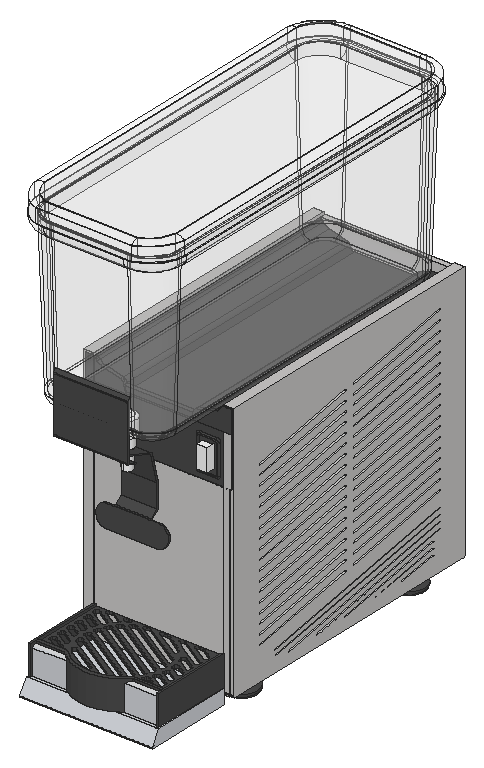
Revit family "QF_Vollrath-VBBD1-37", category Specialty Equipment, Revit 2018
Family settings
  Round Connector Dimension = Use Diameter
  Part Type = Normal
  Work Plane-Based = No
  Always vertical = Yes
  Cut with Voids When Loaded = Yes
  Shared = No
  Room Calculation Point = No
Parameters (values of type "VBBD1-37-F")
  Weight in Pounds = 37.5
  Watts = 0 W
  Volts = 115 V
  Undercounter Visibility [instance] = no
  Serial Number [instance] = ""
  Refrigerant Type = "R134a"
  Phase = 1
  Model = "VBBD1-37-F"
  Manufacturer = "Vollrath"
  Keynote = ""
  Item Number [instance] = ""
  Installed By = ""
  Foodservice Equipment Identifier = yes
  HP = "-"
  Furnished By = ""
  FL Amps = 2.6 A
  Electrical Routing [instance] = ""
  Electrical Remarks [instance] = ""
  Electrical Final Connections = ""
  Electric Connection Type = ""
  Elec Conn RI Height = 0"
  Description = "3.17 Gallon Refrigerated Beverage Dispenser"
  Cycle = 60 Hz
  Cost = 0
  Conn Plug = "NEMA 5-15P"
  CSI MasterFormat = ""
  BTUH = 1520.0 Btu/h
  Apparent Power = 0 VA
  Above Counter Visibility [instance] = no
Reference planes (in)
  plane 1 "Unit_Center (F/B)": y = 0
  plane 2: z = 0
  plane 3 "Unit_Center (L/R)": x = 0
  plane 4 "Right": x = 3.645
  plane 5 "Left": x = -3.6675
  plane 6 "Rear": y = 10.7576
  plane 7 "Front": y = -7.75
  plane 8 "Top": z = 22.1
  plane 9 "Base Cabinet Front": y = -3.27362
  plane 10 "Cabinet Base": z = 0.37402
  plane 11 "Top of Cabinet": z = 12.97075
  plane 12 "Top Trim": z = 14.07311
  plane 13 "Clearance Left": x = -9.675
  plane 14 "Clearance Right": x = 9.64375
  plane 15 "Clearance Rear": y = 16.875
Forms (in)
  Sweep 1, solid, material "QF_Finishes-Clear Plastic"
    path origin (0, 3.74664, -1.59015) x (1, 0, 0) y (0, 1, 0)
      loop
        line (-2.2551, -11.10622) -> (2.2551, -11.10622)
        arc (2.2551, -11.10622) -> (2.85564, -10.64462) -> (3.17382, -9.95724) r 1.58698
        line (3.17382, -9.95724) -> (3.17382, 5.36453)
        arc (3.17382, 5.36453) -> (2.71278, 6.17327) -> (1.84782, 6.51746) r 1.40778
        line (1.84782, 6.51746) -> (-1.84782, 6.51746)
        arc (-1.84782, 6.51746) -> (-2.71161, 6.17429) -> (-3.17326, 5.36758) r 1.40778
        line (-3.17326, 5.36758) -> (-3.17326, -9.96011)
        arc (-3.17326, -9.96011) -> (-2.85472, -10.64576) -> (-2.2551, -11.10622) r 1.58698
    profile origin (0, -7.35958, -1.59015) x (0, 1, 0) y (0, 0, 1)
      loop
        line (-0.47287, 22.88102) -> (-0.01824, 22.88102) -> (-0.01824, 23.6765)
        arc (-0.01824, 23.6765) -> (-0.25795, 23.67763) -> (-0.4652, 23.55719) r 0.45664
        line (-0.4652, 23.55719) -> (-0.47287, 22.88102)
  Extrusion 2, solid, material "QF_Finishes-Clear Plastic"
    sketch origin (0, 3.7403, -2.36291) x (1, 0, 0) y (0, 1, 0)
      loop
        line (-2.15049, -11.11812) -> (2.25892, -11.11812)
        arc (2.25892, -11.11812) -> (2.86473, -10.65608) -> (3.18926, -9.96676) r 1.60522
        line (3.18926, -9.96676) -> (3.18926, 5.42563)
        arc (3.18926, 5.42563) -> (2.86227, 6.21505) -> (2.07284, 6.54204) r 1.11642
        line (2.07284, 6.54204) -> (-2.09748, 6.54204)
        arc (-2.09748, 6.54204) -> (-2.80722, 6.28665) -> (-3.1915, 5.63759) r 1.11388
        line (-3.1915, 5.63759) -> (-3.1915, -9.95554)
        arc (-3.1915, -9.95554) -> (-2.83451, -10.68325) -> (-2.15049, -11.11812) r 1.49663
    from 24.42674 to 24.46291
  Extrusion 3, solid, material "QF_Finishes-Stainless"
    sketch origin (0, 0, 0) x (0, 1, 0) y (0, 0, 1)
      loop
        line (10.7576, 0.80737) -> (10.7576, 13.35433) -> (-3.27362, 13.35433) -> (-3.27362, 0.80737)
        arc (-3.27362, 0.80737) -> (-3.24768, 0.74473) -> (-3.18504, 0.71878) r 0.08858
        line (-3.18504, 0.71878) -> (10.66901, 0.71878)
        arc (10.66901, 0.71878) -> (10.73165, 0.74473) -> (10.7576, 0.80737) r 0.08858
      loop
        line (8.85098, 1.60553) -> (8.83902, 1.67336)
        arc (8.83902, 1.67336) -> (8.80299, 1.6853) -> (8.76503, 1.68493) r 0.11572
        line (8.76503, 1.68493) -> (6.88486, 1.3534)
        arc (6.88486, 1.3534) -> (6.84907, 1.34077) -> (6.81928, 1.31723) r 0.11572
        line (6.81928, 1.31723) -> (6.83124, 1.2494) -> (8.85098, 1.60553)
      loop
        line (8.85098, 1.90536) -> (8.83902, 1.97319)
        arc (8.83902, 1.97319) -> (8.80299, 1.98513) -> (8.76503, 1.98476) r 0.11572
        line (8.76503, 1.98476) -> (5.18444, 1.3534)
        arc (5.18444, 1.3534) -> (5.14864, 1.34077) -> (5.11886, 1.31723) r 0.11572
        line (5.11886, 1.31723) -> (5.13082, 1.2494) -> (8.85098, 1.90536)
      loop
        line (8.85098, 2.20519) -> (8.83902, 2.27302)
        arc (8.83902, 2.27302) -> (8.80299, 2.28496) -> (8.76503, 2.28459) r 0.11572
        line (8.76503, 2.28459) -> (3.48402, 1.3534)
        arc (3.48402, 1.3534) -> (3.44822, 1.34077) -> (3.41843, 1.31723) r 0.11572
        line (3.41843, 1.31723) -> (3.43039, 1.2494) -> (8.85098, 2.20519)
      loop
        line (9.32147, 2.58798) -> (9.30942, 2.65631)
        arc (9.30942, 2.65631) -> (9.27338, 2.66825) -> (9.23542, 2.66788) r 0.11572
        line (9.23542, 2.66788) -> (1.7835, 1.3539)
        arc (1.7835, 1.3539) -> (1.7477, 1.34127) -> (1.71792, 1.31773) r 0.11572
        line (1.71792, 1.31773) -> (1.72997, 1.2494) -> (9.32147, 2.58798)
      loop
        line (9.32147, 2.88782) -> (9.30942, 2.95614)
        arc (9.30942, 2.95614) -> (9.27338, 2.96808) -> (9.23542, 2.96771) r 0.11572
        line (9.23542, 2.96771) -> (0.08308, 1.3539)
        arc (0.08308, 1.3539) -> (0.04728, 1.34127) -> (0.0175, 1.31773) r 0.11572
        line (0.0175, 1.31773) -> (0.02955, 1.2494) -> (9.32147, 2.88782)
      loop
        line (9.32147, 3.18765) -> (9.30942, 3.25598)
        arc (9.30942, 3.25598) -> (9.27338, 3.26791) -> (9.23542, 3.26754) r 0.11572
        line (9.23542, 3.26754) -> (-0.80278, 1.49753)
        arc (-0.80278, 1.49753) -> (-0.83858, 1.4849) -> (-0.86836, 1.46136) r 0.11572
        line (-0.86836, 1.46136) -> (-0.85632, 1.39303) -> (9.32147, 3.18765)
      loop
        line (9.32147, 3.48748) -> (9.30942, 3.55581)
        arc (9.30942, 3.55581) -> (9.27338, 3.56774) -> (9.23542, 3.56737) r 0.11572
        line (9.23542, 3.56737) -> (-0.80278, 1.79736)
        arc (-0.80278, 1.79736) -> (-0.83858, 1.78473) -> (-0.86836, 1.76119) r 0.11572
        line (-0.86836, 1.76119) -> (-0.85632, 1.69286) -> (9.32147, 3.48748)
      loop
        line (9.32185, 4.22424) -> (9.30129, 4.34083)
        arc (9.30129, 4.34083) -> (9.26526, 4.35276) -> (9.22729, 4.35239) r 0.11572
        line (9.22729, 4.35239) -> (4.01542, 3.4334)
        arc (4.01542, 3.4334) -> (3.97963, 3.42076) -> (3.94984, 3.39722) r 0.11572
        line (3.94984, 3.39722) -> (3.9704, 3.28063) -> (9.32185, 4.22424)
      loop
        line (3.58682, 3.213) -> (3.56626, 3.32958)
        arc (3.56626, 3.32958) -> (3.53022, 3.34152) -> (3.49226, 3.34115) r 0.11572
        line (3.49226, 3.34115) -> (-1.71961, 2.42215)
        arc (-1.71961, 2.42215) -> (-1.75541, 2.40952) -> (-1.78519, 2.38598) r 0.11572
        line (-1.78519, 2.38598) -> (-1.76463, 2.26939) -> (3.58682, 3.213)
      loop
        line (9.32185, 4.68766) -> (9.30129, 4.80425)
        arc (9.30129, 4.80425) -> (9.26526, 4.81619) -> (9.22729, 4.81581) r 0.11572
        line (9.22729, 4.81581) -> (4.01542, 3.89682)
        arc (4.01542, 3.89682) -> (3.97963, 3.88419) -> (3.94984, 3.86065) r 0.11572
        line (3.94984, 3.86065) -> (3.9704, 3.74406) -> (9.32185, 4.68766)
      loop
        line (3.58682, 3.67642) -> (3.56626, 3.79301)
        arc (3.56626, 3.79301) -> (3.53022, 3.80494) -> (3.49226, 3.80457) r 0.11572
        line (3.49226, 3.80457) -> (-1.71961, 2.88558)
        arc (-1.71961, 2.88558) -> (-1.75541, 2.87294) -> (-1.78519, 2.8494) r 0.11572
        line (-1.78519, 2.8494) -> (-1.76463, 2.73282) -> (3.58682, 3.67642)
      loop
        line (9.32185, 5.15109) -> (9.30129, 5.26768)
        arc (9.30129, 5.26768) -> (9.26526, 5.27961) -> (9.22729, 5.27924) r 0.11572
        line (9.22729, 5.27924) -> (4.01542, 4.36025)
        arc (4.01542, 4.36025) -> (3.97963, 4.34761) -> (3.94984, 4.32407) r 0.11572
        line (3.94984, 4.32407) -> (3.9704, 4.20748) -> (9.32185, 5.15109)
      loop
        line (3.58682, 4.13985) -> (3.56626, 4.25644)
        arc (3.56626, 4.25644) -> (3.53022, 4.26837) -> (3.49226, 4.268) r 0.11572
        line (3.49226, 4.268) -> (-1.71961, 3.34901)
        arc (-1.71961, 3.34901) -> (-1.75541, 3.33637) -> (-1.78519, 3.31283) r 0.11572
        line (-1.78519, 3.31283) -> (-1.76463, 3.19624) -> (3.58682, 4.13985)
      loop
        line (9.32185, 5.61451) -> (9.30129, 5.7311)
        arc (9.30129, 5.7311) -> (9.26526, 5.74304) -> (9.22729, 5.74267) r 0.11572
        line (9.22729, 5.74267) -> (4.01542, 4.82367)
        arc (4.01542, 4.82367) -> (3.97963, 4.81104) -> (3.94984, 4.7875) r 0.11572
        line (3.94984, 4.7875) -> (3.9704, 4.67091) -> (9.32185, 5.61451)
      loop
        line (3.58682, 4.60327) -> (3.56626, 4.71986)
        arc (3.56626, 4.71986) -> (3.53022, 4.73179) -> (3.49226, 4.73142) r 0.11572
        line (3.49226, 4.73142) -> (-1.71961, 3.81243)
        arc (-1.71961, 3.81243) -> (-1.75541, 3.7998) -> (-1.78519, 3.77626) r 0.11572
        line (-1.78519, 3.77626) -> (-1.76463, 3.65967) -> (3.58682, 4.60327)
      loop
        line (9.32185, 6.07794) -> (9.30129, 6.19453)
        arc (9.30129, 6.19453) -> (9.26526, 6.20646) -> (9.22729, 6.20609) r 0.11572
        line (9.22729, 6.20609) -> (4.01542, 5.2871)
        arc (4.01542, 5.2871) -> (3.97963, 5.27446) -> (3.94984, 5.25092) r 0.11572
        line (3.94984, 5.25092) -> (3.9704, 5.13434) -> (9.32185, 6.07794)
      loop
        line (3.58682, 5.0667) -> (3.56626, 5.18329)
        arc (3.56626, 5.18329) -> (3.53022, 5.19522) -> (3.49226, 5.19485) r 0.11572
        line (3.49226, 5.19485) -> (-1.71961, 4.27586)
        arc (-1.71961, 4.27586) -> (-1.75541, 4.26322) -> (-1.78519, 4.23968) r 0.11572
        line (-1.78519, 4.23968) -> (-1.76463, 4.12309) -> (3.58682, 5.0667)
      loop
        line (9.32185, 6.54137) -> (9.30129, 6.65795)
        arc (9.30129, 6.65795) -> (9.26526, 6.66989) -> (9.22729, 6.66952) r 0.11572
        line (9.22729, 6.66952) -> (4.01542, 5.75052)
        arc (4.01542, 5.75052) -> (3.97963, 5.73789) -> (3.94984, 5.71435) r 0.11572
        line (3.94984, 5.71435) -> (3.9704, 5.59776) -> (9.32185, 6.54137)
      loop
        line (3.58682, 5.53012) -> (3.56626, 5.64671)
        arc (3.56626, 5.64671) -> (3.53022, 5.65864) -> (3.49226, 5.65827) r 0.11572
        line (3.49226, 5.65827) -> (-1.71961, 4.73928)
        arc (-1.71961, 4.73928) -> (-1.75541, 4.72665) -> (-1.78519, 4.70311) r 0.11572
        line (-1.78519, 4.70311) -> (-1.76463, 4.58652) -> (3.58682, 5.53012)
      loop
        line (9.32185, 7.00479) -> (9.30129, 7.12138)
        arc (9.30129, 7.12138) -> (9.26526, 7.13331) -> (9.22729, 7.13294) r 0.11572
        line (9.22729, 7.13294) -> (4.01542, 6.21395)
        arc (4.01542, 6.21395) -> (3.97963, 6.20131) -> (3.94984, 6.17777) r 0.11572
        line (3.94984, 6.17777) -> (3.9704, 6.06119) -> (9.32185, 7.00479)
      loop
        line (3.58682, 5.99355) -> (3.56626, 6.11014)
        arc (3.56626, 6.11014) -> (3.53022, 6.12207) -> (3.49226, 6.1217) r 0.11572
        line (3.49226, 6.1217) -> (-1.71961, 5.20271)
        arc (-1.71961, 5.20271) -> (-1.75541, 5.19007) -> (-1.78519, 5.16653) r 0.11572
        line (-1.78519, 5.16653) -> (-1.76463, 5.04994) -> (3.58682, 5.99355)
      loop
        line (9.32185, 7.46822) -> (9.30129, 7.5848)
        arc (9.30129, 7.5848) -> (9.26526, 7.59674) -> (9.22729, 7.59637) r 0.11572
        line (9.22729, 7.59637) -> (4.01542, 6.67737)
        arc (4.01542, 6.67737) -> (3.97963, 6.66474) -> (3.94984, 6.6412) r 0.11572
        line (3.94984, 6.6412) -> (3.9704, 6.52461) -> (9.32185, 7.46822)
      loop
        line (3.58682, 6.45697) -> (3.56626, 6.57356)
        arc (3.56626, 6.57356) -> (3.53022, 6.5855) -> (3.49226, 6.58512) r 0.11572
        line (3.49226, 6.58512) -> (-1.71961, 5.66613)
        arc (-1.71961, 5.66613) -> (-1.75541, 5.6535) -> (-1.78519, 5.62996) r 0.11572
        line (-1.78519, 5.62996) -> (-1.76463, 5.51337) -> (3.58682, 6.45697)
      loop
        line (9.32185, 7.93164) -> (9.30129, 8.04823)
        arc (9.30129, 8.04823) -> (9.26526, 8.06016) -> (9.22729, 8.05979) r 0.11572
        line (9.22729, 8.05979) -> (4.01542, 7.1408)
        arc (4.01542, 7.1408) -> (3.97963, 7.12816) -> (3.94984, 7.10462) r 0.11572
        line (3.94984, 7.10462) -> (3.9704, 6.98804) -> (9.32185, 7.93164)
      loop
        line (3.58682, 6.9204) -> (3.56626, 7.03699)
        arc (3.56626, 7.03699) -> (3.53022, 7.04892) -> (3.49226, 7.04855) r 0.11572
        line (3.49226, 7.04855) -> (-1.71961, 6.12956)
        arc (-1.71961, 6.12956) -> (-1.75541, 6.11692) -> (-1.78519, 6.09338) r 0.11572
        line (-1.78519, 6.09338) -> (-1.76463, 5.97679) -> (3.58682, 6.9204)
      loop
        line (9.32185, 8.39507) -> (9.30129, 8.51165)
        arc (9.30129, 8.51165) -> (9.26526, 8.52359) -> (9.22729, 8.52322) r 0.11572
        line (9.22729, 8.52322) -> (4.01542, 7.60422)
        arc (4.01542, 7.60422) -> (3.97963, 7.59159) -> (3.94984, 7.56805) r 0.11572
        line (3.94984, 7.56805) -> (3.9704, 7.45146) -> (9.32185, 8.39507)
      loop
        line (3.58682, 7.38382) -> (3.56626, 7.50041)
        arc (3.56626, 7.50041) -> (3.53022, 7.51235) -> (3.49226, 7.51198) r 0.11572
        line (3.49226, 7.51198) -> (-1.71961, 6.59298)
        arc (-1.71961, 6.59298) -> (-1.75541, 6.58035) -> (-1.78519, 6.55681) r 0.11572
        line (-1.78519, 6.55681) -> (-1.76463, 6.44022) -> (3.58682, 7.38382)
      loop
        line (9.32185, 8.85849) -> (9.30129, 8.97508)
        arc (9.30129, 8.97508) -> (9.26526, 8.98701) -> (9.22729, 8.98664) r 0.11572
        line (9.22729, 8.98664) -> (4.01542, 8.06765)
        arc (4.01542, 8.06765) -> (3.97963, 8.05501) -> (3.94984, 8.03147) r 0.11572
        line (3.94984, 8.03147) -> (3.9704, 7.91489) -> (9.32185, 8.85849)
      loop
        line (3.58682, 7.84725) -> (3.56626, 7.96384)
        arc (3.56626, 7.96384) -> (3.53022, 7.97577) -> (3.49226, 7.9754) r 0.11572
        line (3.49226, 7.9754) -> (-1.71961, 7.05641)
        arc (-1.71961, 7.05641) -> (-1.75541, 7.04377) -> (-1.78519, 7.02023) r 0.11572
        line (-1.78519, 7.02023) -> (-1.76463, 6.90364) -> (3.58682, 7.84725)
      loop
        line (9.32185, 9.32192) -> (9.30129, 9.4385)
        arc (9.30129, 9.4385) -> (9.26526, 9.45044) -> (9.22729, 9.45007) r 0.11572
        line (9.22729, 9.45007) -> (4.01542, 8.53107)
        arc (4.01542, 8.53107) -> (3.97963, 8.51844) -> (3.94984, 8.4949) r 0.11572
        line (3.94984, 8.4949) -> (3.9704, 8.37831) -> (9.32185, 9.32192)
      loop
        line (3.58682, 8.31068) -> (3.56626, 8.42726)
        arc (3.56626, 8.42726) -> (3.53022, 8.4392) -> (3.49226, 8.43883) r 0.11572
        line (3.49226, 8.43883) -> (-1.71961, 7.51983)
        arc (-1.71961, 7.51983) -> (-1.75541, 7.5072) -> (-1.78519, 7.48366) r 0.11572
        line (-1.78519, 7.48366) -> (-1.76463, 7.36707) -> (3.58682, 8.31068)
      loop
        line (9.32185, 9.78534) -> (9.30129, 9.90193)
        arc (9.30129, 9.90193) -> (9.26526, 9.91386) -> (9.22729, 9.91349) r 0.11572
        line (9.22729, 9.91349) -> (4.01542, 8.9945)
        arc (4.01542, 8.9945) -> (3.97963, 8.98186) -> (3.94984, 8.95832) r 0.11572
        line (3.94984, 8.95832) -> (3.9704, 8.84174) -> (9.32185, 9.78534)
      loop
        line (3.58682, 8.7741) -> (3.56626, 8.89069)
        arc (3.56626, 8.89069) -> (3.53022, 8.90262) -> (3.49226, 8.90225) r 0.11572
        line (3.49226, 8.90225) -> (-1.71961, 7.98326)
        arc (-1.71961, 7.98326) -> (-1.75541, 7.97062) -> (-1.78519, 7.94708) r 0.11572
        line (-1.78519, 7.94708) -> (-1.76463, 7.8305) -> (3.58682, 8.7741)
      loop
        line (9.32185, 10.24877) -> (9.30129, 10.36535)
        arc (9.30129, 10.36535) -> (9.26526, 10.37729) -> (9.22729, 10.37692) r 0.11572
        line (9.22729, 10.37692) -> (4.01542, 9.45792)
        arc (4.01542, 9.45792) -> (3.97963, 9.44529) -> (3.94984, 9.42175) r 0.11572
        line (3.94984, 9.42175) -> (3.9704, 9.30516) -> (9.32185, 10.24877)
      loop
        line (3.58682, 9.23753) -> (3.56626, 9.35411)
        arc (3.56626, 9.35411) -> (3.53022, 9.36605) -> (3.49226, 9.36568) r 0.11572
        line (3.49226, 9.36568) -> (-1.71961, 8.44668)
        arc (-1.71961, 8.44668) -> (-1.75541, 8.43405) -> (-1.78519, 8.41051) r 0.11572
        line (-1.78519, 8.41051) -> (-1.76463, 8.29392) -> (3.58682, 9.23753)
      loop
        line (9.32185, 10.71219) -> (9.30129, 10.82878)
        arc (9.30129, 10.82878) -> (9.26526, 10.84071) -> (9.22729, 10.84034) r 0.11572
        line (9.22729, 10.84034) -> (4.01542, 9.92135)
        arc (4.01542, 9.92135) -> (3.97963, 9.90871) -> (3.94984, 9.88517) r 0.11572
        line (3.94984, 9.88517) -> (3.9704, 9.76859) -> (9.32185, 10.71219)
      loop
        line (3.58682, 9.70095) -> (3.56626, 9.81754)
        arc (3.56626, 9.81754) -> (3.53022, 9.82947) -> (3.49226, 9.8291) r 0.11572
        line (3.49226, 9.8291) -> (-1.71961, 8.91011)
        arc (-1.71961, 8.91011) -> (-1.75541, 8.89747) -> (-1.78519, 8.87393) r 0.11572
        line (-1.78519, 8.87393) -> (-1.76463, 8.75735) -> (3.58682, 9.70095)
      loop
        line (9.32185, 11.17562) -> (9.30129, 11.2922)
        arc (9.30129, 11.2922) -> (9.26526, 11.30414) -> (9.22729, 11.30377) r 0.11572
        line (9.22729, 11.30377) -> (4.01542, 10.38477)
        arc (4.01542, 10.38477) -> (3.97963, 10.37214) -> (3.94984, 10.3486) r 0.11572
        line (3.94984, 10.3486) -> (3.9704, 10.23201) -> (9.32185, 11.17562)
      loop
        line (3.58682, 10.16438) -> (3.56626, 10.28096)
        arc (3.56626, 10.28096) -> (3.53022, 10.2929) -> (3.49226, 10.29253) r 0.11572
        line (3.49226, 10.29253) -> (-1.71961, 9.37353)
        arc (-1.71961, 9.37353) -> (-1.75541, 9.3609) -> (-1.78519, 9.33736) r 0.11572
        line (-1.78519, 9.33736) -> (-1.76463, 9.22077) -> (3.58682, 10.16438)
      loop
        line (9.32185, 11.63904) -> (9.30129, 11.75563)
        arc (9.30129, 11.75563) -> (9.26526, 11.76756) -> (9.22729, 11.76719) r 0.11572
        line (9.22729, 11.76719) -> (4.01542, 10.8482)
        arc (4.01542, 10.8482) -> (3.97963, 10.83556) -> (3.94984, 10.81202) r 0.11572
        line (3.94984, 10.81202) -> (3.9704, 10.69544) -> (9.32185, 11.63904)
      loop
        line (3.58682, 10.6278) -> (3.56626, 10.74439)
        arc (3.56626, 10.74439) -> (3.53022, 10.75632) -> (3.49226, 10.75595) r 0.11572
        line (3.49226, 10.75595) -> (-1.71961, 9.83696)
        arc (-1.71961, 9.83696) -> (-1.75541, 9.82432) -> (-1.78519, 9.80078) r 0.11572
        line (-1.78519, 9.80078) -> (-1.76463, 9.6842) -> (3.58682, 10.6278)
      loop
        line (9.32185, 12.10307) -> (9.30129, 12.21966)
        arc (9.30129, 12.21966) -> (9.26526, 12.23159) -> (9.22729, 12.23122) r 0.11572
        line (9.22729, 12.23122) -> (4.01542, 11.31223)
        arc (4.01542, 11.31223) -> (3.97963, 11.29959) -> (3.94984, 11.27605) r 0.11572
        line (3.94984, 11.27605) -> (3.9704, 11.15947) -> (9.32185, 12.10307)
      loop
        line (3.58682, 11.09183) -> (3.56626, 11.20842)
        arc (3.56626, 11.20842) -> (3.53022, 11.22035) -> (3.49226, 11.21998) r 0.11572
        line (3.49226, 11.21998) -> (-1.71961, 10.30099)
        arc (-1.71961, 10.30099) -> (-1.75541, 10.28835) -> (-1.78519, 10.26481) r 0.11572
        line (-1.78519, 10.26481) -> (-1.76463, 10.14822) -> (3.58682, 11.09183)
    from -3.6675 to -3.17717
  Extrusion 4, solid, material "QF_Finishes-Black Plastic"
    sketch origin (0, 0, 0) x (1, 0, 0) y (0, 0, 1)
      loop
        line (-3.55, 9.73814) -> (3.55, 9.73814) -> (3.55, 13.26725) -> (3.22835, 13.26725)
        arc (3.22835, 13.26725) -> (3.13884, 13.24576) -> (3.06885, 13.18598) r 0.19715
        arc (3.06885, 13.18598) -> (3.03916, 13.13968) -> (3.00315, 13.0981) r 0.3838
        arc (3.00315, 13.0981) -> (2.87095, 12.99666) -> (2.717, 12.93289) r 0.63833
        line (2.717, 12.93289) -> (1.86181, 12.70374)
        arc (1.86181, 12.70374) -> (1.74573, 12.63647) -> (1.67922, 12.51995) r 0.2576
        line (1.67922, 12.51995) -> (-1.67922, 12.51995)
        arc (-1.67922, 12.51995) -> (-1.74573, 12.63647) -> (-1.86181, 12.70374) r 0.2576
        line (-1.86181, 12.70374) -> (-2.717, 12.93289)
        arc (-2.717, 12.93289) -> (-2.87095, 12.99666) -> (-3.00315, 13.0981) r 0.63833
        arc (-3.00315, 13.0981) -> (-3.03916, 13.13968) -> (-3.06885, 13.18598) r 0.3838
        arc (-3.06885, 13.18598) -> (-3.13884, 13.24576) -> (-3.22835, 13.26725) r 0.19715
        line (-3.22835, 13.26725) -> (-3.55, 13.26725) -> (-3.55, 9.73814)
    from 3.12402 to 3.27362
  Extrusion 5, solid, material "QF_Finishes-Stainless"
    sketch origin (0, 0, 0) x (1, 0, 0) y (0, 0, 1)
      loop
        line (-3.46457, 0.68898) -> (3.46457, 0.68898) -> (3.46457, 9.73814) -> (-3.46457, 9.73814) -> (-3.46457, 0.68898)
    from 3.12402 to 3.27362
  Extrusion 6, solid, material "QF_Finishes-Stainless"
    sketch origin (0, 0, 0) x (1, 0, 0) y (0, 0, 1)
      loop
        line (-3.6675, 0.71878) -> (3.55, 0.71878) -> (3.55, 13.26725) -> (-3.6675, 13.26725) -> (-3.6675, 0.71878)
      loop
        line (2.75362, 2.08631) -> (2.75362, 2.13404) -> (2.63501, 2.23715)
        arc (2.63501, 2.23715) -> (2.60199, 2.25254) -> (2.56595, 2.25782) r 0.12567
        line (2.56595, 2.25782) -> (-2.37374, 2.25782)
        arc (-2.37374, 2.25782) -> (-2.40979, 2.25254) -> (-2.44281, 2.23715) r 0.12567
        line (-2.44281, 2.23715) -> (-2.56142, 2.13404) -> (-2.56142, 2.08631) -> (2.75362, 2.08631)
      loop
        line (2.75362, 2.46032) -> (2.75362, 2.50806) -> (2.63501, 2.61116)
        arc (2.63501, 2.61116) -> (2.60199, 2.62656) -> (2.56595, 2.63184) r 0.12567
        line (2.56595, 2.63184) -> (-2.37374, 2.63184)
        arc (-2.37374, 2.63184) -> (-2.40979, 2.62656) -> (-2.44281, 2.61116) r 0.12567
        line (-2.44281, 2.61116) -> (-2.56142, 2.50806) -> (-2.56142, 2.46032) -> (2.75362, 2.46032)
      loop
        line (2.75362, 2.83434) -> (2.75362, 2.88207) -> (2.63501, 2.98518)
        arc (2.63501, 2.98518) -> (2.60199, 3.00058) -> (2.56595, 3.00586) r 0.12567
        line (2.56595, 3.00586) -> (-2.37374, 3.00586)
        arc (-2.37374, 3.00586) -> (-2.40979, 3.00058) -> (-2.44281, 2.98518) r 0.12567
        line (-2.44281, 2.98518) -> (-2.56142, 2.88207) -> (-2.56142, 2.83434) -> (2.75362, 2.83434)
      loop
        line (2.75362, 3.20835) -> (2.75362, 3.25609) -> (2.63501, 3.35919)
        arc (2.63501, 3.35919) -> (2.60199, 3.37459) -> (2.56595, 3.37987) r 0.12567
        line (2.56595, 3.37987) -> (-2.37374, 3.37987)
        arc (-2.37374, 3.37987) -> (-2.40979, 3.37459) -> (-2.44281, 3.35919) r 0.12567
        line (-2.44281, 3.35919) -> (-2.56142, 3.25609) -> (-2.56142, 3.20835) -> (2.75362, 3.20835)
      loop
        line (2.75362, 3.58237) -> (2.75362, 3.6301) -> (2.63501, 3.73321)
        arc (2.63501, 3.73321) -> (2.60199, 3.74861) -> (2.56595, 3.75389) r 0.12567
        line (2.56595, 3.75389) -> (-2.37374, 3.75389)
        arc (-2.37374, 3.75389) -> (-2.40979, 3.74861) -> (-2.44281, 3.73321) r 0.12567
        line (-2.44281, 3.73321) -> (-2.56142, 3.6301) -> (-2.56142, 3.58237) -> (2.75362, 3.58237)
      loop
        line (2.75362, 3.95639) -> (2.75362, 4.00412) -> (2.63501, 4.10722)
        arc (2.63501, 4.10722) -> (2.60199, 4.12262) -> (2.56595, 4.1279) r 0.12567
        line (2.56595, 4.1279) -> (-2.37374, 4.1279)
        arc (-2.37374, 4.1279) -> (-2.40979, 4.12262) -> (-2.44281, 4.10722) r 0.12567
        line (-2.44281, 4.10722) -> (-2.56142, 4.00412) -> (-2.56142, 3.95639) -> (2.75362, 3.95639)
      loop
        line (2.75362, 4.3304) -> (2.75362, 4.37813) -> (2.63501, 4.48124)
        arc (2.63501, 4.48124) -> (2.60199, 4.49664) -> (2.56595, 4.50192) r 0.12567
        line (2.56595, 4.50192) -> (-2.37374, 4.50192)
        arc (-2.37374, 4.50192) -> (-2.40979, 4.49664) -> (-2.44281, 4.48124) r 0.12567
        line (-2.44281, 4.48124) -> (-2.56142, 4.37813) -> (-2.56142, 4.3304) -> (2.75362, 4.3304)
      loop
        line (2.75362, 4.70442) -> (2.75362, 4.75215) -> (2.63501, 4.85526)
        arc (2.63501, 4.85526) -> (2.60199, 4.87065) -> (2.56595, 4.87594) r 0.12567
        line (2.56595, 4.87594) -> (-2.37374, 4.87594)
        arc (-2.37374, 4.87594) -> (-2.40979, 4.87065) -> (-2.44281, 4.85526) r 0.12567
        line (-2.44281, 4.85526) -> (-2.56142, 4.75215) -> (-2.56142, 4.70442) -> (2.75362, 4.70442)
      loop
        line (2.75362, 5.07843) -> (2.75362, 5.12617) -> (2.63501, 5.22927)
        arc (2.63501, 5.22927) -> (2.60199, 5.24467) -> (2.56595, 5.24995) r 0.12567
        line (2.56595, 5.24995) -> (-2.37374, 5.24995)
        arc (-2.37374, 5.24995) -> (-2.40979, 5.24467) -> (-2.44281, 5.22927) r 0.12567
        line (-2.44281, 5.22927) -> (-2.56142, 5.12617) -> (-2.56142, 5.07843) -> (2.75362, 5.07843)
      loop
        line (2.75362, 5.45245) -> (2.75362, 5.50018) -> (2.63501, 5.60329)
        arc (2.63501, 5.60329) -> (2.60199, 5.61869) -> (2.56595, 5.62397) r 0.12567
        line (2.56595, 5.62397) -> (-2.37374, 5.62397)
        arc (-2.37374, 5.62397) -> (-2.40979, 5.61869) -> (-2.44281, 5.60329) r 0.12567
        line (-2.44281, 5.60329) -> (-2.56142, 5.50018) -> (-2.56142, 5.45245) -> (2.75362, 5.45245)
      loop
        line (2.75362, 5.82646) -> (2.75362, 5.8742) -> (2.63501, 5.9773)
        arc (2.63501, 5.9773) -> (2.60199, 5.9927) -> (2.56595, 5.99798) r 0.12567
        line (2.56595, 5.99798) -> (-2.37374, 5.99798)
        arc (-2.37374, 5.99798) -> (-2.40979, 5.9927) -> (-2.44281, 5.9773) r 0.12567
        line (-2.44281, 5.9773) -> (-2.56142, 5.8742) -> (-2.56142, 5.82646) -> (2.75362, 5.82646)
      loop
        line (2.75362, 6.20048) -> (2.75362, 6.24821) -> (2.63501, 6.35132)
        arc (2.63501, 6.35132) -> (2.60199, 6.36672) -> (2.56595, 6.372) r 0.12567
        line (2.56595, 6.372) -> (-2.37374, 6.372)
        arc (-2.37374, 6.372) -> (-2.40979, 6.36672) -> (-2.44281, 6.35132) r 0.12567
        line (-2.44281, 6.35132) -> (-2.56142, 6.24821) -> (-2.56142, 6.20048) -> (2.75362, 6.20048)
      loop
        line (2.75362, 6.5745) -> (2.75362, 6.62223) -> (2.63501, 6.72534)
        arc (2.63501, 6.72534) -> (2.60199, 6.74073) -> (2.56595, 6.74601) r 0.12567
        line (2.56595, 6.74601) -> (-2.37374, 6.74601)
        arc (-2.37374, 6.74601) -> (-2.40979, 6.74073) -> (-2.44281, 6.72534) r 0.12567
        line (-2.44281, 6.72534) -> (-2.56142, 6.62223) -> (-2.56142, 6.5745) -> (2.75362, 6.5745)
      loop
        line (2.75362, 6.94851) -> (2.75362, 6.99625) -> (2.63501, 7.09935)
        arc (2.63501, 7.09935) -> (2.60199, 7.11475) -> (2.56595, 7.12003) r 0.12567
        line (2.56595, 7.12003) -> (-2.37374, 7.12003)
        arc (-2.37374, 7.12003) -> (-2.40979, 7.11475) -> (-2.44281, 7.09935) r 0.12567
        line (-2.44281, 7.09935) -> (-2.56142, 6.99625) -> (-2.56142, 6.94851) -> (2.75362, 6.94851)
      loop
        line (2.75362, 7.32253) -> (2.75362, 7.37026) -> (2.63501, 7.47337)
        arc (2.63501, 7.47337) -> (2.60199, 7.48876) -> (2.56595, 7.49405) r 0.12567
        line (2.56595, 7.49405) -> (-2.37374, 7.49405)
        arc (-2.37374, 7.49405) -> (-2.40979, 7.48876) -> (-2.44281, 7.47337) r 0.12567
        line (-2.44281, 7.47337) -> (-2.56142, 7.37026) -> (-2.56142, 7.32253) -> (2.75362, 7.32253)
      loop
        line (2.75362, 7.69654) -> (2.75362, 7.74428) -> (2.63501, 7.84738)
        arc (2.63501, 7.84738) -> (2.60199, 7.86278) -> (2.56595, 7.86806) r 0.12567
        line (2.56595, 7.86806) -> (-2.37374, 7.86806)
        arc (-2.37374, 7.86806) -> (-2.40979, 7.86278) -> (-2.44281, 7.84738) r 0.12567
        line (-2.44281, 7.84738) -> (-2.56142, 7.74428) -> (-2.56142, 7.69654) -> (2.75362, 7.69654)
      loop
        line (2.75362, 8.07056) -> (2.75362, 8.11829) -> (2.63501, 8.2214)
        arc (2.63501, 8.2214) -> (2.60199, 8.2368) -> (2.56595, 8.24208) r 0.12567
        line (2.56595, 8.24208) -> (-2.37374, 8.24208)
        arc (-2.37374, 8.24208) -> (-2.40979, 8.2368) -> (-2.44281, 8.2214) r 0.12567
        line (-2.44281, 8.2214) -> (-2.56142, 8.11829) -> (-2.56142, 8.07056) -> (2.75362, 8.07056)
      loop
        line (2.75362, 8.44457) -> (2.75362, 8.49231) -> (2.63501, 8.59541)
        arc (2.63501, 8.59541) -> (2.60199, 8.61081) -> (2.56595, 8.61609) r 0.12567
        line (2.56595, 8.61609) -> (-2.37374, 8.61609)
        arc (-2.37374, 8.61609) -> (-2.40979, 8.61081) -> (-2.44281, 8.59541) r 0.12567
        line (-2.44281, 8.59541) -> (-2.56142, 8.49231) -> (-2.56142, 8.44457) -> (2.75362, 8.44457)
      loop
        line (2.75362, 8.81859) -> (2.75362, 8.86632) -> (2.63501, 8.96943)
        arc (2.63501, 8.96943) -> (2.60199, 8.98483) -> (2.56595, 8.99011) r 0.12567
        line (2.56595, 8.99011) -> (-2.37374, 8.99011)
        arc (-2.37374, 8.99011) -> (-2.40979, 8.98483) -> (-2.44281, 8.96943) r 0.12567
        line (-2.44281, 8.96943) -> (-2.56142, 8.86632) -> (-2.56142, 8.81859) -> (2.75362, 8.81859)
      loop
        line (2.75362, 9.19261) -> (2.75362, 9.24034) -> (2.63501, 9.34345)
        arc (2.63501, 9.34345) -> (2.60199, 9.35884) -> (2.56595, 9.36412) r 0.12567
        line (2.56595, 9.36412) -> (-2.37367, 9.36412)
        arc (-2.37367, 9.36412) -> (-2.40971, 9.35884) -> (-2.44273, 9.34345) r 0.12567
        line (-2.44273, 9.34345) -> (-2.56134, 9.24034) -> (-2.56134, 9.19261) -> (2.75362, 9.19261)
      loop
        line (2.75362, 9.56662) -> (2.75362, 9.61436) -> (2.63501, 9.71746)
        arc (2.63501, 9.71746) -> (2.60199, 9.73286) -> (2.56595, 9.73814) r 0.12567
        line (2.56595, 9.73814) -> (-2.37374, 9.73814)
        arc (-2.37374, 9.73814) -> (-2.40979, 9.73286) -> (-2.44281, 9.71746) r 0.12567
        line (-2.44281, 9.71746) -> (-2.56142, 9.61436) -> (-2.56142, 9.56662) -> (2.75362, 9.56662)
      loop
        line (2.75362, 9.94064) -> (2.75362, 9.98837) -> (2.63501, 10.09148)
        arc (2.63501, 10.09148) -> (2.60199, 10.10687) -> (2.56595, 10.11216) r 0.12567
        line (2.56595, 10.11216) -> (-2.37374, 10.11216)
        arc (-2.37374, 10.11216) -> (-2.40979, 10.10687) -> (-2.44281, 10.09148) r 0.12567
        line (-2.44281, 10.09148) -> (-2.56142, 9.98837) -> (-2.56142, 9.94064) -> (2.75362, 9.94064)
      loop
        line (2.75362, 10.31465) -> (2.75362, 10.36239) -> (2.63501, 10.46549)
        arc (2.63501, 10.46549) -> (2.60199, 10.48089) -> (2.56595, 10.48617) r 0.12567
        line (2.56595, 10.48617) -> (-2.37374, 10.48617)
        arc (-2.37374, 10.48617) -> (-2.40979, 10.48089) -> (-2.44281, 10.46549) r 0.12567
        line (-2.44281, 10.46549) -> (-2.56142, 10.36239) -> (-2.56142, 10.31465) -> (2.75362, 10.31465)
      loop
        line (2.75362, 10.68867) -> (2.75362, 10.7364) -> (2.63501, 10.83951)
        arc (2.63501, 10.83951) -> (2.60199, 10.85491) -> (2.56595, 10.86019) r 0.12567
        line (2.56595, 10.86019) -> (-2.37374, 10.86019)
        arc (-2.37374, 10.86019) -> (-2.40979, 10.85491) -> (-2.44281, 10.83951) r 0.12567
        line (-2.44281, 10.83951) -> (-2.56142, 10.7364) -> (-2.56142, 10.68867) -> (2.75362, 10.68867)
      loop
        line (2.75362, 11.06268) -> (2.75362, 11.11042) -> (2.63501, 11.21352)
        arc (2.63501, 11.21352) -> (2.60199, 11.22892) -> (2.56595, 11.2342) r 0.12567
        line (2.56595, 11.2342) -> (-2.37374, 11.2342)
        arc (-2.37374, 11.2342) -> (-2.40979, 11.22892) -> (-2.44281, 11.21352) r 0.12567
        line (-2.44281, 11.21352) -> (-2.56142, 11.11042) -> (-2.56142, 11.06268) -> (2.75362, 11.06268)
      loop
        line (2.75362, 11.4367) -> (2.75362, 11.48443) -> (2.63501, 11.58754)
        arc (2.63501, 11.58754) -> (2.60199, 11.60294) -> (2.56595, 11.60822) r 0.12567
        line (2.56595, 11.60822) -> (-2.37374, 11.60822)
        arc (-2.37374, 11.60822) -> (-2.40979, 11.60294) -> (-2.44281, 11.58754) r 0.12567
        line (-2.44281, 11.58754) -> (-2.56142, 11.48443) -> (-2.56142, 11.4367) -> (2.75362, 11.4367)
      loop
        line (2.75362, 11.81072) -> (2.75362, 11.85845) -> (2.63501, 11.96156)
        arc (2.63501, 11.96156) -> (2.60199, 11.97695) -> (2.56595, 11.98223) r 0.12567
        line (2.56595, 11.98223) -> (-2.37374, 11.98223)
        arc (-2.37374, 11.98223) -> (-2.40979, 11.97695) -> (-2.44281, 11.96156) r 0.12567
        line (-2.44281, 11.96156) -> (-2.56142, 11.85845) -> (-2.56142, 11.81072) -> (2.75362, 11.81072)
      loop
        line (2.75362, 12.18473) -> (2.75362, 12.23247) -> (2.63501, 12.33557)
        arc (2.63501, 12.33557) -> (2.60199, 12.35097) -> (2.56595, 12.35625) r 0.12567
        line (2.56595, 12.35625) -> (-2.37367, 12.35625)
        arc (-2.37367, 12.35625) -> (-2.40971, 12.35097) -> (-2.44273, 12.33557) r 0.12567
        line (-2.44273, 12.33557) -> (-2.56134, 12.23247) -> (-2.56134, 12.18473) -> (2.75362, 12.18473)
    from -10.7576 to -10.47957
  Revolve 7, solid, material "QF_Finishes-Black Plastic"
    sketch origin (-2.65829, 2.28125, 0) x (0, 1, 0) y (0, 0, 1)
      loop
        line (6.4307, 0.71878) -> (5.9307, 0.71878) -> (5.90967, 0.3175)
        arc (5.90967, 0.3175) -> (5.90114, 0.28329) -> (5.88042, 0.25477) r 0.09238
        line (5.88042, 0.25477) -> (5.63639, 0.15617) -> (5.65129, 0.03478)
        arc (5.65129, 0.03478) -> (5.66148, 0.01019) -> (5.68607, 0) r 0.03478
        line (5.68607, 0) -> (6.4307, 0) -> (6.4307, 0.71878)
      axis (6.4307, 0) -> (6.4307, 0.71878)
    angle from 0 to 360
  Revolve 8, solid, material "QF_Finishes-Black Plastic"
    sketch origin (-2.65829, -7.91744, 0) x (0, 1, 0) y (0, 0, 1)
      loop
        line (6.4307, 0.71878) -> (5.9307, 0.71878) -> (5.90967, 0.3175)
        arc (5.90967, 0.3175) -> (5.90114, 0.28329) -> (5.88042, 0.25477) r 0.09238
        line (5.88042, 0.25477) -> (5.63639, 0.15617) -> (5.65129, 0.03478)
        arc (5.65129, 0.03478) -> (5.66148, 0.01019) -> (5.68607, 0) r 0.03478
        line (5.68607, 0) -> (6.4307, 0) -> (6.4307, 0.71878)
      axis (6.4307, 0) -> (6.4307, 0.71878)
    angle from 0 to 360
  Revolve 9, solid, material "QF_Finishes-Black Plastic"
    sketch origin (2.59171, 2.28125, 0) x (0, 1, 0) y (0, 0, 1)
      loop
        line (6.4307, 0.71878) -> (5.9307, 0.71878) -> (5.90967, 0.3175)
        arc (5.90967, 0.3175) -> (5.90114, 0.28329) -> (5.88042, 0.25477) r 0.09238
        line (5.88042, 0.25477) -> (5.63639, 0.15617) -> (5.65129, 0.03478)
        arc (5.65129, 0.03478) -> (5.66148, 0.01019) -> (5.68607, 0) r 0.03478
        line (5.68607, 0) -> (6.4307, 0) -> (6.4307, 0.71878)
      axis (6.4307, 0) -> (6.4307, 0.71878)
    angle from 0 to 360
  Revolve 10, solid, material "QF_Finishes-Black Plastic"
    sketch origin (2.59171, -7.91744, 0) x (0, 1, 0) y (0, 0, 1)
      loop
        line (6.4307, 0.71878) -> (5.9307, 0.71878) -> (5.90967, 0.3175)
        arc (5.90967, 0.3175) -> (5.90114, 0.28329) -> (5.88042, 0.25477) r 0.09238
        line (5.88042, 0.25477) -> (5.63639, 0.15617) -> (5.65129, 0.03478)
        arc (5.65129, 0.03478) -> (5.66148, 0.01019) -> (5.68607, 0) r 0.03478
        line (5.68607, 0) -> (6.4307, 0) -> (6.4307, 0.71878)
      axis (6.4307, 0) -> (6.4307, 0.71878)
    angle from 0 to 360
  Extrusion 11, solid, material "QF_Finishes-Black Plastic"
    sketch origin (0, 0, 0) x (1, 0, 0) y (0, 1, 0)
      loop
        line (3.18945, -3.12402) -> (-3.14914, -3.12402) -> (-3.14914, -7.27756) -> (-3.05071, -7.27756) -> (-3.05071, -6.9626) -> (-1.68325, -6.9626)
        arc (-1.68325, -6.9626) -> (-1.65302, -6.96863) -> (-1.62741, -6.98581) r 0.07879
        arc (-1.62741, -6.98581) -> (0.01907, -7.67007) -> (1.66554, -6.98581) r 2.323
        arc (1.66554, -6.98581) -> (1.69232, -6.96862) -> (1.72357, -6.9626) r 0.08414
        line (1.72357, -6.9626) -> (3.09102, -6.9626) -> (3.09102, -7.27756) -> (3.18945, -7.27756) -> (3.18945, -3.12402)
      loop
        line (-3.05071, -3.19488) -> (-3.05071, -6.8248) -> (-1.68325, -6.8248)
        arc (-1.68325, -6.8248) -> (-1.60014, -6.84139) -> (-1.52977, -6.88862) r 0.21647
        arc (-1.52977, -6.88862) -> (0.02, -7.53304) -> (1.56978, -6.88862) r 2.18576
        arc (1.56978, -6.88862) -> (1.64015, -6.84139) -> (1.72326, -6.8248) r 0.21647
        line (1.72326, -6.8248) -> (3.09102, -6.8248) -> (3.09102, -3.19488) -> (-3.05071, -3.19488)
    from 1.03543 to 2.48031
  Extrusion 12, solid, material "QF_Finishes-Black Plastic"
    sketch origin (-0.27976, -0.69203, -0.67436) x (0, 1, 0) y (0, 0, 1)
      loop
        arc (-6.7126, 12.77975) -> (-6.69637, 12.72827) -> (-6.65354, 12.69541) r 0.08975
        line (-6.65354, 12.69541) -> (-6.24829, 12.54791) -> (-6.22809, 12.6034) -> (-6.65354, 12.75825) -> (-6.65354, 15.43542) -> (-6.55627, 15.57434) -> (-6.585, 15.63626) -> (-6.69836, 15.47437)
        arc (-6.69836, 15.47437) -> (-6.70895, 15.45289) -> (-6.7126, 15.42921) r 0.07874
        line (-6.7126, 15.42921) -> (-6.7126, 12.77975)
    from -1.53543 to 2.09496
  Revolve 13, solid, material "QF_Finishes-White Rubber"
    sketch origin (0.07813, -0.00627, -0.98853) x (0, 1, 0) y (0, 0, 1)
      loop
        line (-5.26181, 11.33771) -> (-5.26181, 13.7196) -> (-5.58313, 13.7196)
        arc (-5.58313, 13.7196) -> (-5.66215, 13.68687) -> (-5.69488, 13.60785) r 0.11175
        line (-5.69488, 13.60785) -> (-5.6749, 12.85346) -> (-5.57506, 12.85346) -> (-5.57506, 12.36572) -> (-5.49364, 12.33608) -> (-5.49364, 11.33771) -> (-5.26181, 11.33771)
      axis (-5.26181, 11.33771) -> (-5.26181, 13.7196)
    angle from 0 to 360
  Extrusion 14, solid, material "QF_Finishes-Black Plastic"
    sketch origin (0.00781, 0.05623, -0.98853) x (0, 1, 0) y (0, 0, 1)
      loop
        line (-4.89794, 12.05642) -> (-4.5209, 10.64927) -> (-4.5209, 9.50735) -> (-4.87524, 9.24034)
        arc (-4.87524, 9.24034) -> (-4.89988, 9.20972) -> (-4.90703, 9.17106) r 0.08027
        line (-4.90703, 9.17106) -> (-4.84806, 9.16797) -> (-4.83447, 9.19711) -> (-4.4932, 9.45428)
        arc (-4.4932, 9.45428) -> (-4.47012, 9.48203) -> (-4.46184, 9.51717) r 0.07874
        line (-4.46184, 9.51717) -> (-4.46184, 10.65704) -> (-4.8302, 12.03176)
        arc (-4.8302, 12.03176) -> (-4.86865, 12.09212) -> (-4.92901, 12.13057) r 0.16532
        line (-4.92901, 12.13057) -> (-6.9898, 12.88064) -> (-7.01, 12.82515) -> (-4.89794, 12.05642)
    from -0.87952 to 0.8668
  Extrusion 15, solid, material "QF_Finishes-Black Plastic"
    sketch origin (0, -0.40114, -1.21779) x (1, 0, 0) y (0, 0.052336, 0.99863)
      loop
        line (-1.23031, 8.07021) -> (1.23031, 8.07021)
        arc (1.23031, 8.07021) -> (1.77091, 8.61081) -> (1.23031, 9.1514) r 0.5406
        line (1.23031, 9.1514) -> (-1.23031, 9.1514)
        arc (-1.23031, 9.1514) -> (-1.77091, 8.61081) -> (-1.23031, 8.07021) r 0.5406
    from 4.87511 to 4.93413
  Sweep 16, solid, material "QF_Finishes-Clear Plastic"
    path origin (0, 0, 0) x (1, 0, 0) y (0, 1, 0)
      loop
        arc (-2.3069, -6.00035) -> (-2.17234, -6.32521) -> (-1.84748, -6.45977) r 0.45942
        line (-1.84748, -6.45977) -> (1.84782, -6.45977)
        arc (1.84782, -6.45977) -> (2.17447, -6.32446) -> (2.30977, -5.99781) r 0.46195
        line (2.30977, -5.99781) -> (2.30977, 9.13206)
        arc (2.30977, 9.13206) -> (2.17447, 9.45871) -> (1.84782, 9.59402) r 0.46195
        line (1.84782, 9.59402) -> (-1.84748, 9.59402)
        arc (-1.84748, 9.59402) -> (-2.17234, 9.45946) -> (-2.3069, 9.1346) r 0.45942
        line (-2.3069, 9.1346) -> (-2.3069, -6.00035)
    profile origin (-2.3069, 1.56713, 0) x (-1, 0, 0) y (0, 0, 1)
      loop
        line (1.00727, 21.24909) -> (0.86945, 21.24909) -> (0.60808, 13.43579)
        arc (0.60808, 13.43579) -> (0.48758, 13.16469) -> (0.21238, 13.05386) r 0.39514
        line (0.21238, 13.05386) -> (0.22508, 12.90709)
        arc (0.22508, 12.90709) -> (0.59013, 13.08301) -> (0.74651, 13.45684) r 0.57097
        line (0.74651, 13.45684) -> (1.00727, 21.24909)
  Extrusion 17, solid, material "QF_Finishes-Black Plastic"
    sketch origin (0, 0, -0.6875) x (1, 0, 0) y (0, 0, 1)
      loop
        line (-3.54331, 13.95475) -> (-3.54331, 12.85346) -> (3.54331, 12.85346) -> (3.54331, 13.95475) -> (3.22835, 13.95475)
        arc (3.22835, 13.95475) -> (3.13884, 13.93326) -> (3.06885, 13.87348) r 0.19715
        arc (3.06885, 13.87348) -> (3.03916, 13.82718) -> (3.00315, 13.7856) r 0.3838
        arc (3.00315, 13.7856) -> (2.87095, 13.68416) -> (2.717, 13.62039) r 0.63833
        line (2.717, 13.62039) -> (1.86181, 13.39124)
        arc (1.86181, 13.39124) -> (1.74573, 13.32397) -> (1.67922, 13.20745) r 0.2576
        line (1.67922, 13.20745) -> (1.62646, 12.90825) -> (-1.62646, 12.90825) -> (-1.67922, 13.20745)
        arc (-1.67922, 13.20745) -> (-1.74573, 13.32397) -> (-1.86181, 13.39124) r 0.2576
        line (-1.86181, 13.39124) -> (-2.717, 13.62039)
        arc (-2.717, 13.62039) -> (-2.87095, 13.68416) -> (-3.00315, 13.7856) r 0.63833
        arc (-3.00315, 13.7856) -> (-3.03916, 13.82718) -> (-3.06885, 13.87348) r 0.3838
        arc (-3.06885, 13.87348) -> (-3.13884, 13.93326) -> (-3.22835, 13.95475) r 0.19715
        line (-3.22835, 13.95475) -> (-3.54331, 13.95475)
    from -10.7576 to 3.27362
  Extrusion 18, solid, material "Clearance - Code/Mandatory", detail levels coarse
    sketch origin (-7.40625, 0, 0) x (1, 0, 0) y (0, 1, 0)
      loop
        line (11.05125, 10.7576) -> (11.05125, -7.75) -> (17.05, -7.75) -> (17.05, 10.7576) -> (11.05125, 10.7576)
    from 0 to 22.1
  Extrusion 19, solid, material "Clearance - Code/Mandatory", detail levels coarse
    sketch origin (7.40625, 0, 0) x (-1, 0, 0) y (0, -1, 0)
      loop
        line (11.07375, -10.7576) -> (17.08125, -10.7576) -> (17.08125, 7.75) -> (11.07375, 7.75) -> (11.07375, -10.7576)
    from 0 to 22.1
  Extrusion 20, solid, material "Clearance - Code/Mandatory", detail levels coarse
    sketch origin (3.67282, -3.20625, 0) x (0, 1, 0) y (-1, 0, 0)
      loop
        line (13.96385, -5.97093) -> (20.08125, -5.97093) -> (20.08125, 13.34782) -> (13.96385, 13.34782) -> (13.96385, -5.97093)
    from 0 to 22.1
  Sweep 21, solid, material "QF_Finishes-Clear Plastic"
    path origin (0, 0, 0) x (1, 0, 0) y (0, 1, 0)
      loop
        line (1.97575, 9.86597) -> (-1.98, 9.86597)
        arc (-1.98, 9.86597) -> (-2.54709, 9.63108) -> (-2.78198, 9.064) r 0.80197
        line (-2.78198, 9.064) -> (-2.78198, -6.12347)
        arc (-2.78198, -6.12347) -> (-2.53304, -6.72445) -> (-1.93206, -6.97339) r 0.84992
        line (-1.93206, -6.97339) -> (1.91929, -6.97339)
        arc (1.91929, -6.97339) -> (2.53134, -6.71987) -> (2.78485, -6.10782) r 0.86556
        line (2.78485, -6.10782) -> (2.78485, 9.05687)
        arc (2.78485, 9.05687) -> (2.54787, 9.62899) -> (1.97575, 9.86597) r 0.8091
    profile origin (-0.00213, 9.86597, 0) x (0, -1, 0) y (0, 0, 1)
      loop
        arc (-0.85966, 21.24909) -> (-0.7478, 20.8705) -> (-0.42938, 20.63713) r 0.61721
        line (-0.42938, 20.63713) -> (-0.42938, 21.24909) -> (-0.85966, 21.24909)
  Extrusion 22, solid, material "QF_Finishes-Stainless"
    sketch origin (0, 0, 0) x (0, 1, 0) y (0, 0, -1)
      loop
        arc (10.7576, -0.80737) -> (10.73165, -0.74473) -> (10.66901, -0.71878) r 0.08858
        line (10.66901, -0.71878) -> (-3.18504, -0.71878)
        arc (-3.18504, -0.71878) -> (-3.24768, -0.74473) -> (-3.27362, -0.80737) r 0.08858
        line (-3.27362, -0.80737) -> (-3.27362, -13.35433) -> (10.7576, -13.35433) -> (10.7576, -0.80737)
      loop
        line (8.85098, -1.60553) -> (6.83124, -1.2494) -> (6.81928, -1.31723)
        arc (6.81928, -1.31723) -> (6.84907, -1.34077) -> (6.88486, -1.3534) r 0.11572
        line (6.88486, -1.3534) -> (8.76503, -1.68493)
        arc (8.76503, -1.68493) -> (8.80299, -1.6853) -> (8.83902, -1.67336) r 0.11572
        line (8.83902, -1.67336) -> (8.85098, -1.60553)
      loop
        line (8.85098, -1.90536) -> (5.13082, -1.2494) -> (5.11886, -1.31723)
        arc (5.11886, -1.31723) -> (5.14864, -1.34077) -> (5.18444, -1.3534) r 0.11572
        line (5.18444, -1.3534) -> (8.76503, -1.98476)
        arc (8.76503, -1.98476) -> (8.80299, -1.98513) -> (8.83902, -1.97319) r 0.11572
        line (8.83902, -1.97319) -> (8.85098, -1.90536)
      loop
        line (8.85098, -2.20519) -> (3.43039, -1.2494) -> (3.41843, -1.31723)
        arc (3.41843, -1.31723) -> (3.44822, -1.34077) -> (3.48402, -1.3534) r 0.11572
        line (3.48402, -1.3534) -> (8.76503, -2.28459)
        arc (8.76503, -2.28459) -> (8.80299, -2.28496) -> (8.83902, -2.27302) r 0.11572
        line (8.83902, -2.27302) -> (8.85098, -2.20519)
      loop
        line (9.32147, -2.58798) -> (1.72997, -1.2494) -> (1.71792, -1.31773)
        arc (1.71792, -1.31773) -> (1.7477, -1.34127) -> (1.7835, -1.3539) r 0.11572
        line (1.7835, -1.3539) -> (9.23542, -2.66788)
        arc (9.23542, -2.66788) -> (9.27338, -2.66825) -> (9.30942, -2.65631) r 0.11572
        line (9.30942, -2.65631) -> (9.32147, -2.58798)
      loop
        line (9.32147, -2.88782) -> (0.02955, -1.2494) -> (0.0175, -1.31773)
        arc (0.0175, -1.31773) -> (0.04728, -1.34127) -> (0.08308, -1.3539) r 0.11572
        line (0.08308, -1.3539) -> (9.23542, -2.96771)
        arc (9.23542, -2.96771) -> (9.27338, -2.96808) -> (9.30942, -2.95614) r 0.11572
        line (9.30942, -2.95614) -> (9.32147, -2.88782)
      loop
        line (9.32147, -3.18765) -> (-0.85632, -1.39303) -> (-0.86836, -1.46136)
        arc (-0.86836, -1.46136) -> (-0.83858, -1.4849) -> (-0.80278, -1.49753) r 0.11572
        line (-0.80278, -1.49753) -> (9.23542, -3.26754)
        arc (9.23542, -3.26754) -> (9.27338, -3.26791) -> (9.30942, -3.25598) r 0.11572
        line (9.30942, -3.25598) -> (9.32147, -3.18765)
      loop
        line (9.32147, -3.48748) -> (-0.85632, -1.69286) -> (-0.86836, -1.76119)
        arc (-0.86836, -1.76119) -> (-0.83858, -1.78473) -> (-0.80278, -1.79736) r 0.11572
        line (-0.80278, -1.79736) -> (9.23542, -3.56737)
        arc (9.23542, -3.56737) -> (9.27338, -3.56774) -> (9.30942, -3.55581) r 0.11572
        line (9.30942, -3.55581) -> (9.32147, -3.48748)
      loop
        line (9.32185, -4.22424) -> (3.9704, -3.28063) -> (3.94984, -3.39722)
        arc (3.94984, -3.39722) -> (3.97963, -3.42076) -> (4.01542, -3.4334) r 0.11572
        line (4.01542, -3.4334) -> (9.22729, -4.35239)
        arc (9.22729, -4.35239) -> (9.26526, -4.35276) -> (9.30129, -4.34083) r 0.11572
        line (9.30129, -4.34083) -> (9.32185, -4.22424)
      loop
        line (3.58682, -3.213) -> (-1.76463, -2.26939) -> (-1.78519, -2.38598)
        arc (-1.78519, -2.38598) -> (-1.75541, -2.40952) -> (-1.71961, -2.42215) r 0.11572
        line (-1.71961, -2.42215) -> (3.49226, -3.34115)
        arc (3.49226, -3.34115) -> (3.53022, -3.34152) -> (3.56626, -3.32958) r 0.11572
        line (3.56626, -3.32958) -> (3.58682, -3.213)
      loop
        line (9.32185, -4.68766) -> (3.9704, -3.74406) -> (3.94984, -3.86065)
        arc (3.94984, -3.86065) -> (3.97963, -3.88419) -> (4.01542, -3.89682) r 0.11572
        line (4.01542, -3.89682) -> (9.22729, -4.81581)
        arc (9.22729, -4.81581) -> (9.26526, -4.81619) -> (9.30129, -4.80425) r 0.11572
        line (9.30129, -4.80425) -> (9.32185, -4.68766)
      loop
        line (3.58682, -3.67642) -> (-1.76463, -2.73282) -> (-1.78519, -2.8494)
        arc (-1.78519, -2.8494) -> (-1.75541, -2.87294) -> (-1.71961, -2.88558) r 0.11572
        line (-1.71961, -2.88558) -> (3.49226, -3.80457)
        arc (3.49226, -3.80457) -> (3.53022, -3.80494) -> (3.56626, -3.79301) r 0.11572
        line (3.56626, -3.79301) -> (3.58682, -3.67642)
      loop
        line (9.32185, -5.15109) -> (3.9704, -4.20748) -> (3.94984, -4.32407)
        arc (3.94984, -4.32407) -> (3.97963, -4.34761) -> (4.01542, -4.36025) r 0.11572
        line (4.01542, -4.36025) -> (9.22729, -5.27924)
        arc (9.22729, -5.27924) -> (9.26526, -5.27961) -> (9.30129, -5.26768) r 0.11572
        line (9.30129, -5.26768) -> (9.32185, -5.15109)
      loop
        line (3.58682, -4.13985) -> (-1.76463, -3.19624) -> (-1.78519, -3.31283)
        arc (-1.78519, -3.31283) -> (-1.75541, -3.33637) -> (-1.71961, -3.34901) r 0.11572
        line (-1.71961, -3.34901) -> (3.49226, -4.268)
        arc (3.49226, -4.268) -> (3.53022, -4.26837) -> (3.56626, -4.25644) r 0.11572
        line (3.56626, -4.25644) -> (3.58682, -4.13985)
      loop
        line (9.32185, -5.61451) -> (3.9704, -4.67091) -> (3.94984, -4.7875)
        arc (3.94984, -4.7875) -> (3.97963, -4.81104) -> (4.01542, -4.82367) r 0.11572
        line (4.01542, -4.82367) -> (9.22729, -5.74267)
        arc (9.22729, -5.74267) -> (9.26526, -5.74304) -> (9.30129, -5.7311) r 0.11572
        line (9.30129, -5.7311) -> (9.32185, -5.61451)
      loop
        line (3.58682, -4.60327) -> (-1.76463, -3.65967) -> (-1.78519, -3.77626)
        arc (-1.78519, -3.77626) -> (-1.75541, -3.7998) -> (-1.71961, -3.81243) r 0.11572
        line (-1.71961, -3.81243) -> (3.49226, -4.73142)
        arc (3.49226, -4.73142) -> (3.53022, -4.73179) -> (3.56626, -4.71986) r 0.11572
        line (3.56626, -4.71986) -> (3.58682, -4.60327)
      loop
        line (9.32185, -6.07794) -> (3.9704, -5.13434) -> (3.94984, -5.25092)
        arc (3.94984, -5.25092) -> (3.97963, -5.27446) -> (4.01542, -5.2871) r 0.11572
        line (4.01542, -5.2871) -> (9.22729, -6.20609)
        arc (9.22729, -6.20609) -> (9.26526, -6.20646) -> (9.30129, -6.19453) r 0.11572
        line (9.30129, -6.19453) -> (9.32185, -6.07794)
      loop
        line (3.58682, -5.0667) -> (-1.76463, -4.12309) -> (-1.78519, -4.23968)
        arc (-1.78519, -4.23968) -> (-1.75541, -4.26322) -> (-1.71961, -4.27586) r 0.11572
        line (-1.71961, -4.27586) -> (3.49226, -5.19485)
        arc (3.49226, -5.19485) -> (3.53022, -5.19522) -> (3.56626, -5.18329) r 0.11572
        line (3.56626, -5.18329) -> (3.58682, -5.0667)
      loop
        line (9.32185, -6.54137) -> (3.9704, -5.59776) -> (3.94984, -5.71435)
        arc (3.94984, -5.71435) -> (3.97963, -5.73789) -> (4.01542, -5.75052) r 0.11572
        line (4.01542, -5.75052) -> (9.22729, -6.66952)
        arc (9.22729, -6.66952) -> (9.26526, -6.66989) -> (9.30129, -6.65795) r 0.11572
        line (9.30129, -6.65795) -> (9.32185, -6.54137)
      loop
        line (3.58682, -5.53012) -> (-1.76463, -4.58652) -> (-1.78519, -4.70311)
        arc (-1.78519, -4.70311) -> (-1.75541, -4.72665) -> (-1.71961, -4.73928) r 0.11572
        line (-1.71961, -4.73928) -> (3.49226, -5.65827)
        arc (3.49226, -5.65827) -> (3.53022, -5.65864) -> (3.56626, -5.64671) r 0.11572
        line (3.56626, -5.64671) -> (3.58682, -5.53012)
      loop
        line (9.32185, -7.00479) -> (3.9704, -6.06119) -> (3.94984, -6.17777)
        arc (3.94984, -6.17777) -> (3.97963, -6.20131) -> (4.01542, -6.21395) r 0.11572
        line (4.01542, -6.21395) -> (9.22729, -7.13294)
        arc (9.22729, -7.13294) -> (9.26526, -7.13331) -> (9.30129, -7.12138) r 0.11572
        line (9.30129, -7.12138) -> (9.32185, -7.00479)
      loop
        line (3.58682, -5.99355) -> (-1.76463, -5.04994) -> (-1.78519, -5.16653)
        arc (-1.78519, -5.16653) -> (-1.75541, -5.19007) -> (-1.71961, -5.20271) r 0.11572
        line (-1.71961, -5.20271) -> (3.49226, -6.1217)
        arc (3.49226, -6.1217) -> (3.53022, -6.12207) -> (3.56626, -6.11014) r 0.11572
        line (3.56626, -6.11014) -> (3.58682, -5.99355)
      loop
        line (9.32185, -7.46822) -> (3.9704, -6.52461) -> (3.94984, -6.6412)
        arc (3.94984, -6.6412) -> (3.97963, -6.66474) -> (4.01542, -6.67737) r 0.11572
        line (4.01542, -6.67737) -> (9.22729, -7.59637)
        arc (9.22729, -7.59637) -> (9.26526, -7.59674) -> (9.30129, -7.5848) r 0.11572
        line (9.30129, -7.5848) -> (9.32185, -7.46822)
      loop
        line (3.58682, -6.45697) -> (-1.76463, -5.51337) -> (-1.78519, -5.62996)
        arc (-1.78519, -5.62996) -> (-1.75541, -5.6535) -> (-1.71961, -5.66613) r 0.11572
        line (-1.71961, -5.66613) -> (3.49226, -6.58512)
        arc (3.49226, -6.58512) -> (3.53022, -6.5855) -> (3.56626, -6.57356) r 0.11572
        line (3.56626, -6.57356) -> (3.58682, -6.45697)
      loop
        line (9.32185, -7.93164) -> (3.9704, -6.98804) -> (3.94984, -7.10462)
        arc (3.94984, -7.10462) -> (3.97963, -7.12816) -> (4.01542, -7.1408) r 0.11572
        line (4.01542, -7.1408) -> (9.22729, -8.05979)
        arc (9.22729, -8.05979) -> (9.26526, -8.06016) -> (9.30129, -8.04823) r 0.11572
        line (9.30129, -8.04823) -> (9.32185, -7.93164)
      loop
        line (3.58682, -6.9204) -> (-1.76463, -5.97679) -> (-1.78519, -6.09338)
        arc (-1.78519, -6.09338) -> (-1.75541, -6.11692) -> (-1.71961, -6.12956) r 0.11572
        line (-1.71961, -6.12956) -> (3.49226, -7.04855)
        arc (3.49226, -7.04855) -> (3.53022, -7.04892) -> (3.56626, -7.03699) r 0.11572
        line (3.56626, -7.03699) -> (3.58682, -6.9204)
      loop
        line (9.32185, -8.39507) -> (3.9704, -7.45146) -> (3.94984, -7.56805)
        arc (3.94984, -7.56805) -> (3.97963, -7.59159) -> (4.01542, -7.60422) r 0.11572
        line (4.01542, -7.60422) -> (9.22729, -8.52322)
        arc (9.22729, -8.52322) -> (9.26526, -8.52359) -> (9.30129, -8.51165) r 0.11572
        line (9.30129, -8.51165) -> (9.32185, -8.39507)
      loop
        line (3.58682, -7.38382) -> (-1.76463, -6.44022) -> (-1.78519, -6.55681)
        arc (-1.78519, -6.55681) -> (-1.75541, -6.58035) -> (-1.71961, -6.59298) r 0.11572
        line (-1.71961, -6.59298) -> (3.49226, -7.51198)
        arc (3.49226, -7.51198) -> (3.53022, -7.51235) -> (3.56626, -7.50041) r 0.11572
        line (3.56626, -7.50041) -> (3.58682, -7.38382)
      loop
        line (9.32185, -8.85849) -> (3.9704, -7.91489) -> (3.94984, -8.03147)
        arc (3.94984, -8.03147) -> (3.97963, -8.05501) -> (4.01542, -8.06765) r 0.11572
        line (4.01542, -8.06765) -> (9.22729, -8.98664)
